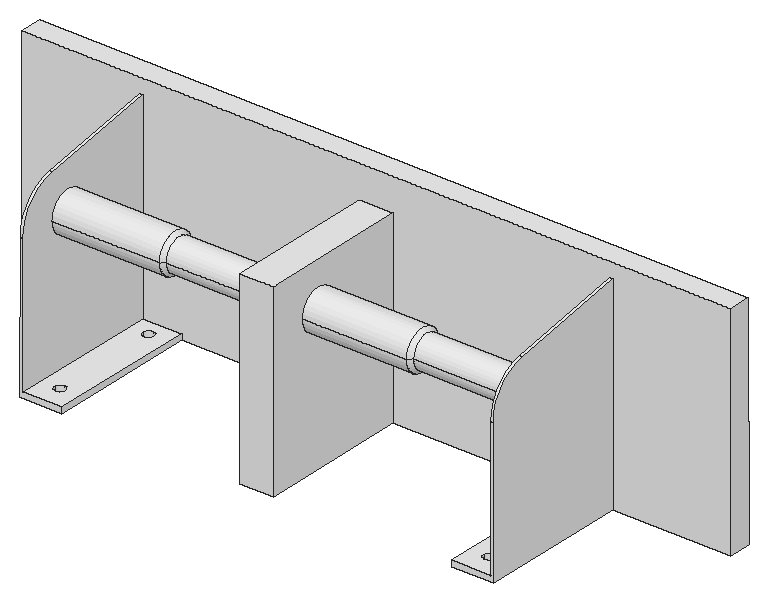
Revit family "Tissue_Dispenser-Bobrick-B-2840", category Specialty Equipment, host Face, Revit 2014
Parameters (values of type "B-2840")
  Width = 16"
  URL = "http://www.bobrick.com/"
  Type Comments = ""
  Revised Date = "02/09/2019"  # constant formula
  Product Page URL = "http://products.bobrick.com/washroomaccessories/Pages/ProductDetails.aspx?Product+Number%3dB-2840"
  Product Documentation Link = "http://products.bobrick.com/Documents/B-2840_td.pdf"
  Price = "Prices may vary. Please consult Manufacturer Representative for most up-to-date price list."  # constant formula
  Model = "B-2840"
  Material = Stainless Steel-Bobrick-20 Gauge-Satin
  Manufacturer = "Bobrick"
  Installation Type = "Surface-Mounted"
  Height = 3 7/8"
  Description = "Surface-Mounted Toilet Tissue Dispenser and Utility Shelf"
  Depth = 5"
  Default Elevation = 22"
  Assembly Code = "E2010"
  ADA Compliant = yes
Reference planes (in)
  plane 1 "Center (Front/Back)": y = 0
  plane 2: z = 0
  plane 3 "Center (Left/Right)": x = 0
  plane 4: y = -0.875
  plane 5: y = -3.5
  plane 6: y = -0.875
  plane 7: x = -8
  plane 8: x = 8
  plane 9: y = -3.875
  plane 10: z = 5
Forms (in)
  Extrusion 1, solid, material "Stainless Steel-Bobrick-20 Gauge-Satin" <- "Material"
    sketch origin (0, -22, 0) x (1, 0, 0) y (0, 0, -1)
      loop
        line (-8, 0) -> (-8, -5) -> (8, -5) -> (8, 0) -> (-8, 0)
    from 21.5 to 22
  Extrusion 2, solid, material "Stainless Steel-Bobrick-20 Gauge-Satin" <- "Material"
    sketch origin (0, -22, 0) x (0, 0, -1) y (0, 1, 0)
      loop
        line (0, 21.5) -> (-4.25, 21.5) -> (-4.25, 18.125) -> (0, 18.125) -> (0, 21.5)
    from -0.375 to 0.375
  Extrusion 3, solid, material "Stainless Steel-Bobrick-20 Gauge-Satin" <- "Material"
    sketch origin (-0.5, -22, 0) x (0, 0, -1) y (0, -1, 0)
      loop
        line (0, -21.5) -> (0, -18.125) -> (-3.22763, -18.125)
        arc (-3.22763, -18.125) -> (-3.87042, -18.35896) -> (-4.21244, -18.95135) r 1
        line (-4.21244, -18.95135) -> (-4.66184, -21.5) -> (0, -21.5)
    from 4.78125 to 4.84375
  Extrusion 4, solid, material "Stainless Steel-Bobrick-20 Gauge-Satin" <- "Material"
    sketch origin (-0.5, -22, 0) x (-1, 0, 0) y (0, -1, 0)
      loop
        line (3.90625, -21.5) -> (4.78125, -21.5) -> (4.78125, -18.125) -> (3.90625, -18.125) -> (3.90625, -21.5)
      loop
        circle (4.34375, -21.125) r 0.125
      loop
        circle (4.34375, -18.625) r 0.125
    from 0 to 0.125
  Revolve 5, solid, material "Stainless Steel-Bobrick-20 Gauge-Satin" <- "Material"
    sketch origin (0, -22, 3.25) x (1, 0, 0) y (0, 1, 0)
      loop
        line (-5.28125, 19.375) -> (-0.375, 19.375) -> (-0.375, 19.74469) -> (-2.7579, 19.74469) -> (-2.84125, 19.82804) -> (-5.28125, 19.82804) -> (-5.28125, 19.375)
      loop
        line (0.375, 19.375) -> (5.28125, 19.375) -> (5.28125, 19.74469) -> (2.826, 19.74469) -> (2.74265, 19.82804) -> (0.375, 19.82804) -> (0.375, 19.375)
      axis (5.28125, 19.375) -> (-5.28125, 19.375)
    angle from 0 to 360
  Extrusion 6, solid, material "Stainless Steel-Bobrick-20 Gauge-Satin" <- "Material"
    sketch origin (0.5, -22, 0) x (0, 0, -1) y (0, 1, 0)
      loop
        line (0, 21.5) -> (-4.66184, 21.5) -> (-4.21244, 18.95135)
        arc (-4.21244, 18.95135) -> (-3.87042, 18.35896) -> (-3.22763, 18.125) r 1
        line (-3.22763, 18.125) -> (0, 18.125) -> (0, 21.5)
    from 4.78125 to 4.84375
  Extrusion 7, solid, material "Stainless Steel-Bobrick-20 Gauge-Satin" <- "Material"
    sketch origin (0.5, -22, 0) x (1, 0, 0) y (0, 1, 0)
      loop
        line (3.90625, 21.5) -> (3.90625, 18.125) -> (4.78125, 18.125) -> (4.78125, 21.5) -> (3.90625, 21.5)
      loop
        circle (4.34375, 21.125) r 0.125
      loop
        circle (4.34375, 18.625) r 0.125
    from 0 to 0.125
Cuts and joins
  joined: Extrusion 1, Extrusion 2, Extrusion 3, Extrusion 4, Extrusion 6, Extrusion 7
Lines and regions (in)
  Masking region 1
    outline origin (0, 0, 0) x (1, 0, 0) y (0, 0, 1)
      loop
        line (8, 5) -> (-8, 5) -> (-8, 0) -> (8, 0) -> (8, 5)
Dimensions and locks (in)
  "Width": plane 7 to plane 8
  "Height": plane 9 to plane 1 "Center (Front/Back)"
  "Depth": plane 10 to host face
  aligned and locked: plane 2 to host face
  aligned and locked: level to host face
  aligned and locked: Masking region 1 sketch curve to cut or joined group of Extrusion 1, Extrusion 2, Extrusion 3, Extrusion 4, Extrusion 6, Extrusion 7  (x4)
Automatic sketch dimensions
  host sketch curve to host sketch curve = 96"  (x2)
  plane 7 to Extrusion 1 sketch curve = 0"
  plane 8 to Extrusion 1 sketch curve = 0"
  Extrusion 1 sketch curve to level = 0"
  level to Extrusion 1 sketch curve = 5"
  Extrusion 2 sketch curve to level = 0"
  plane 1 "Center (Front/Back)" to Extrusion 2 sketch curve = 1/2"
  level to Extrusion 2 sketch curve = 4 1/4"
  Extrusion 2 sketch curve to Extrusion 2 sketch curve = 3 3/8"
  Extrusion 3 sketch curve to level = 0"
  level to Extrusion 3 sketch curve = 3.22763"
  Extrusion 3 sketch curve to Extrusion 3 sketch curve = 0.98481"
  plane 1 "Center (Front/Back)" to Extrusion 3 sketch curve = 1/2"
  Extrusion 3 sketch curve to Extrusion 3 sketch curve = 0.4494"
  Extrusion 3 sketch curve to Extrusion 3 sketch curve = 2 3/8"
  Extrusion 3 sketch curve to Extrusion 3 sketch curve = 0.17365"
  plane 4 to Extrusion 4 sketch curve = 0"
  Extrusion 4 sketch curve to plane 4 = 3/8"
  Extrusion 4 sketch curve to plane 7 = 3 19/32"
  Extrusion 4 sketch curve to Extrusion 4 sketch curve = 7/16"  (x3)
  plane 5 to Extrusion 4 sketch curve = 1/8"
  Extrusion 4 sketch curve to plane 5 = 3/8"
  Revolve 5 sketch curve to plane 7 = 2 23/32"
  Revolve 5 sketch curve to Revolve 5 sketch curve = 0.07235"
  Revolve 5 sketch curve to Revolve 5 sketch curve = 0.42765"
  Revolve 5 sketch curve to Revolve 5 sketch curve = 1.94"
  Revolve 5 sketch curve to Revolve 5 sketch curve = 0.08335"  (x4)
  Revolve 5 sketch curve to plane 3 "Center (Left/Right)" = 3/8"
  plane 3 "Center (Left/Right)" to Revolve 5 sketch curve = 3/8"
  Revolve 5 sketch curve to Revolve 5 sketch curve = 2.36765"
  Revolve 5 sketch curve to Revolve 5 sketch curve = 2.45525"
  plane 1 "Center (Front/Back)" to Revolve 5 sketch curve = 2 5/8"
  Revolve 5 sketch curve to Revolve 5 sketch curve = 0"  (x2)
  Revolve 5 sketch curve to Revolve 5 sketch curve = 0.36969"
  plane 1 "Center (Front/Back)" to Revolve 5 sketch curve = 2.25531"
  Extrusion 6 sketch curve to level = 0"
  level to Extrusion 6 sketch curve = 3.22763"
  Extrusion 6 sketch curve to Extrusion 6 sketch curve = 0.98481"
  plane 1 "Center (Front/Back)" to Extrusion 6 sketch curve = 1/2"
  Extrusion 6 sketch curve to Extrusion 6 sketch curve = 0.4494"
  Extrusion 6 sketch curve to Extrusion 6 sketch curve = 2 3/8"
  Extrusion 6 sketch curve to Extrusion 6 sketch curve = 0.17365"
  plane 6 to Extrusion 7 sketch curve = 0"
  Extrusion 7 sketch curve to plane 6 = 3/8"
  plane 8 to Extrusion 7 sketch curve = 3 19/32"
  Extrusion 7 sketch curve to Extrusion 7 sketch curve = 7/16"  (x3)
  plane 6 to Extrusion 7 sketch curve = 2 1/2"
  Extrusion 7 sketch curve to Extrusion 7 sketch curve = 1/2"
  radius of Extrusion 4 sketch curve = 1/8"  (x2)
  radius of Extrusion 7 sketch curve = 1/8"  (x2)
